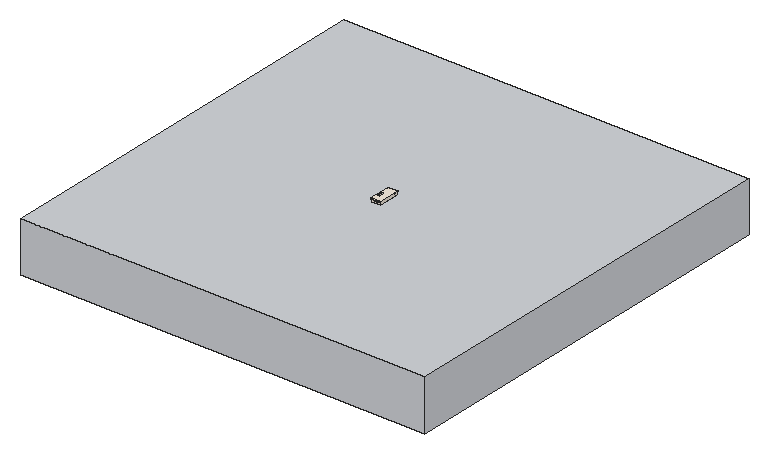
Revit family "GIRA_123901", category Elektroinstallationen, Revit 2017
Family settings
  Basisbauteil = Fläche
  Beschriftungsausrichtung beibehalten = Ja
  Bemaßung runder Anschluss = Durchmesser verwenden
  Teiletyp = Normal
  Beim Laden mit Abzugskörper schneiden = Nein
  Gemeinsam genutzt = Nein
  Raumberechnungspunkt = Nein
Parameters
  Zusatzgerät anreihbar = no
  Default Elevation = 1219.2 mm
  Verbindung mit Smartphone möglich = no
  URL = "https://www.gira.de/"
  Typname = "Wohnungsstation Video AP Plus System 55 Cremeweiß"
  Schaltfunktionen = yes
  Rufunterscheidung = yes
  Rufabschaltung = yes
  Mit Türöffnerautomatik = yes
  Mit Touchscreen = no
  Lautstärkeregelung = yes
  Ist Zubehör = no
  Ist System = no
  Internkommunikation = yes
  Hörgerätekompatibel = no
  Hersteller = "Gira"
  HAN = "123901"
  GTIN = "4010337016229"
  Funktions-Lampen = yes
  Bildsystem = "PAL"
  Beschreibung = "Wohnungsstation Video AP Plus System 55 Cremeweiß glänzend Merkmale: - Bei Verwendung je einer Spannungsversorgung für Türkommunikation können bis zu 28 Wohnungsstationen Video AP parallel genutzt werden. - Die Wohnungsstation Video AP Plus erkennt automatisch, ob eine Spannungsversorgung für Türkommunikation angeschlossen ist. Eine Brücke zwischen ZV und BUS ist nicht notwendig. - Farbdisplay mit LED-Hintergrundbeleuchtung. - OSD Funktion, d. h. Texteinblendung im Display zur Statusanzeige und Menüführung. - Kapazitive Bedientasten mit integrierten Leuchtdioden zur Zustandsanzeige: Die Tasten werden durch leichte Berührung bedient. - Zuschaltbare Türöffnerautomatik: bei eingeschalteter Funktion wird der Türöffner nach Betätigung der Türstationsruftaste automatisch angesteuert. - Automatische Rufannahme: direktes Hineinsprechen oder -hören in einen Raum nach Internruf. - Gebührenfreier hausinterner Sprechverkehr mit bis zu zehn weiteren Wohnungsstationen. Die Bedientasten der Wohnungsstation Video AP Plus steuern die folgenden Funktionen:: - Manuelles Ein- und Ausschalten des TFT-Farbdisplays. - Kameraumschaltung - gezielte Anwahl der angeschlossenen Farbkameras. Im Display erfolgt die Textanzeige, welche Kamera aktuell angesteuert wird. - Schalten von Licht und anderen Funktionen in Verbindung mit dem Schaltaktor oder dem Unterputz-Schaltaktor. - Ansteuerung des Türöffners. - Rufton ein- und ausschalten. - Rufannahme. - Aktivierung der Durchsetzfunktion. - Einstellung von Rufton- und Sprechlautstärke. Funktionen im Endkundenmenü: - Internruf, Schalthandlung, Ruftonmelodie, Helligkeit, Farbsättigung, Kontrast, Einschaltzeit des Displays, Sprache (21 Sprachen wählbar), Tastentöne, Türöffnerautomatik (nach Installateurfreigabe), automatische Rufannahme (nach Installateurfreigabe). Zusätzliche Funktionen im Installateurmenü:: - Einstellung Haupt- Nebendisplay, Frequenzeinstellung, Terminierung der Leitung, Versionsanzeige, Werkseinstellung, Display ein- bzw. ausschalten, LED-Beleuchtung ein- bzw. ausschalten, Ruftastenzuordnung, Internruf zuordnen, Freigaben für Türöffnerautomatik und automatische Rufannahme. - Karten-Slot für SD-Speicherkarte. - SD-Speicherkarte. Neue zusätzliche Funktionen im Endkundenmenü:: - Interner Bildspeicher (nach Installateurfreigabe) für bis zu 48 Bilder. Manueller Übertrag interner zu externner Bildspeicher (SD-Speicherkarte). Bildspeicher manuell löschen. Manuellen Schnappschuss auslösen. Schalthandlungen und Internrufe umbenennen. Datum Uhrzeit ändern. Neue zusätzliche Funktionen im Installateurmenü:: - Freigabe des internen Bildspeichers. Einstellen des Bildintervals und der Aufnahmegeschwindigkeit. Datum Uhrzeit einstellen. Eigenschaften der SD-Speicherkarte:: - Verzeichnis für zehn Klingeltöne, davon fünf frei konfigurierbar im WAVE-Format. Ordner für externen Bildspeicher (max. 200 Bilder).  Hinweise : - Montage ohne Abdeckrahmen oder mit Abdeckrahmen 2fach ohne Mittelsteg aus den Schalterprogrammen System 55, Flächenschalter oder Gira E22 möglich."
  Bedienung Türöffner = yes
  BIM = "https://media.stage.bim.site/t/eyJhbGciOiJIUzI1NiIsInR5cCI6IkpXVCJ9.eyJjdCI6MSwidGYiOiJwdWJsaWMvZ2lyYS9iNjQ4NDNkLzEyMzkgMDEucmZhIiwiY2lkIjoiMzI3N2NjMjMtODFhOS00ZWUzLWE5MGEtYjQ3YmI0YzBiNjE2IiwicmlkIjoiZTc5NTQyODIwOGQ5NDQ1MTEwZTZjMDc0YTEwYTIwZjAiLCJwaWQiOiI3YTNlNzZlNDlmZWU3YjViMDJiOTI2YTc2YjE5ZTZmNDBmNDIwYjZkIiwic2lkIjoiNjM0NzAiLCJ1dCI6NSwiaWF0IjoxNTY1MTg2NjQxLCJpc3MiOiJodHRwczovL2FwaS5saXZlLmJpbS5zaXRlIiwic3ViIjoiYWRtaW5AYmltc2l0ZS5kZXYifQ.o8fWyNo-C8h2NZHr9jWQ9avo1KslxBMvA_qqry75LRQ/1239 01.rfa"
  Abhörsicher = yes
Reference planes
  plane 1 "Center (Front/Back)": y = 0
  plane 2: z = 0
  plane 3 "Center (Left/Right)": x = 0
  plane 4: y = -57.002
  plane 5: z = 11.3
Forms (mm)
  Extrusion 1, solid
    sketch origin (0, 0, 0) x (1, 0, 0) y (0, 1, 0)
      loop
        line (-1219.2, 1219.2) -> (-1219.2, -1219.2) -> (1219.2, -1219.2) -> (1219.2, 1219.2) -> (-1219.2, 1219.2)
    from 0 to -304.8
  Extrusion 2, solid, material "Creamy white glossy", detail levels fine
    sketch origin (0, 0, 0) x (1, 0, 0) y (0, 1, 0)
      loop
        line (-27.5, 62.907) -> (-27.5, -62.761) -> (27.5, -63.002) -> (27.5, 62.907) -> (-27.5, 62.907)
    from 2.8 to 19.6
  Extrusion 3, solid, material "Creamy white glossy", detail levels fine
    sketch origin (0, 0, 0) x (1, 0, 0) y (0, 1, 0)
      loop
        line (23.736, -57.486) -> (23.736, 57.355) -> (-23.736, 57.355) -> (-23.736, -57.486) -> (23.736, -57.486)
    from 0 to 2.8
  Extrusion 4, solid, material "Creamy white glossy", detail levels fine
    sketch origin (0, 0, -0.9) x (1, 0, 0) y (0, 1, 0)
      loop
        arc (-26.5, 65) -> (-27.207, 64.707) -> (-27.5, 64) r 1
        line (-27.5, 64) -> (-27.5, -64)
        arc (-27.5, -64) -> (-27.207, -64.707) -> (-26.5, -65) r 1
        line (-26.5, -65) -> (26.5, -65)
        arc (26.5, -65) -> (27.207, -64.707) -> (27.5, -64) r 1
        line (27.5, -64) -> (27.5, 64)
        arc (27.5, 64) -> (27.207, 64.707) -> (26.5, 65) r 1
        line (26.5, 65) -> (-26.5, 65)
    from 20.5 to 21.5
  Extrusion 5, solid, material "Creamy white glossy", detail levels medium+fine
    sketch origin (0, 0, 0) x (1, 0, 0) y (0, 1, 0)
      loop
        line (-23.605, -18.6) -> (-13.2, -18.6) -> (-13.2, -8.594) -> (-13.2, 3.4) -> (-23.605, 3.4) -> (-23.605, -18.6)
    from 20.6 to 22.5
  Extrusion 6, void, detail levels fine
    sketch origin (0, 0, 0) x (1, 0, 0) y (0, 1, 0)
      loop
        arc (-11.109, -10.234) -> (15.105, -0.084) -> (-10.995, 10.357) r 15.105
        line (-10.995, 10.357) -> (-11.109, -10.234)
      loop
        arc (-3.34, -27.996) -> (-8.964, -28.895) -> (-3.943, -31.585) r 3.005
        arc (-3.943, -31.585) -> (0.438, -31.827) -> (4.808, -31.44) r 31.83
        arc (4.808, -31.44) -> (6.319, -29.382) -> (4.262, -27.871) r 1.805
        arc (4.262, -27.871) -> (0.465, -28.191) -> (-3.34, -27.996) r 28.195
      loop
        spline (6.871, -48.874) -> (6.579, -48.896) -> (6.293, -48.96) -> (6.02, -49.065) -> (5.765, -49.208) -> (5.534, -49.388) -> (5.331, -49.599) -> (5.162, -49.838) -> (5.029, -50.099) -> (4.936, -50.377) -> (4.885, -50.666) -> (4.876, -50.959) -> (4.91, -51.25)
        spline (4.91, -51.25) -> (4.876, -51.541) -> (4.885, -51.834) -> (4.936, -52.123) -> (5.029, -52.401) -> (5.162, -52.662) -> (5.331, -52.901) -> (5.534, -53.112) -> (5.765, -53.292) -> (6.02, -53.435) -> (6.293, -53.54) -> (6.579, -53.604) -> (6.871, -53.626)
        line (6.871, -53.626) -> (13.129, -53.626)
        spline (13.129, -53.626) -> (13.421, -53.604) -> (13.707, -53.54) -> (13.98, -53.435) -> (14.235, -53.292) -> (14.466, -53.112) -> (14.669, -52.901) -> (14.838, -52.662) -> (14.971, -52.401) -> (15.064, -52.123) -> (15.115, -51.834) -> (15.124, -51.541) -> (15.09, -51.25)
        spline (15.09, -51.25) -> (15.124, -50.959) -> (15.115, -50.666) -> (15.064, -50.377) -> (14.971, -50.099) -> (14.838, -49.838) -> (14.669, -49.599) -> (14.466, -49.388) -> (14.235, -49.208) -> (13.98, -49.065) -> (13.707, -48.96) -> (13.421, -48.896) -> (13.129, -48.874)
        line (13.129, -48.874) -> (6.871, -48.874)
      loop
        arc (3.34, 27.996) -> (8.966, 28.911) -> (3.92, 31.563) r 3.005
        arc (3.92, 31.563) -> (-0.448, 31.802) -> (-4.808, 31.44) r 31.805
        arc (-4.808, 31.44) -> (-6.319, 29.382) -> (-4.262, 27.871) r 1.805
        arc (-4.262, 27.871) -> (-0.465, 28.191) -> (3.34, 27.996) r 28.195
      loop
        line (-20.626, 52.129) -> (-20.626, 45.871)
        spline (-20.626, 45.871) -> (-20.604, 45.579) -> (-20.54, 45.293) -> (-20.435, 45.02) -> (-20.292, 44.765) -> (-20.112, 44.533) -> (-19.901, 44.331) -> (-19.662, 44.162) -> (-19.401, 44.029) -> (-19.123, 43.936) -> (-18.834, 43.885) -> (-18.541, 43.876) -> (-18.25, 43.91)
        spline (-18.25, 43.91) -> (-17.959, 43.876) -> (-17.666, 43.885) -> (-17.377, 43.936) -> (-17.099, 44.029) -> (-16.838, 44.162) -> (-16.599, 44.331) -> (-16.388, 44.533) -> (-16.208, 44.765) -> (-16.065, 45.02) -> (-15.96, 45.293) -> (-15.896, 45.579) -> (-15.874, 45.871)
        line (-15.874, 45.871) -> (-15.874, 52.129)
        spline (-15.874, 52.129) -> (-15.896, 52.421) -> (-15.96, 52.707) -> (-16.065, 52.98) -> (-16.208, 53.235) -> (-16.388, 53.466) -> (-16.599, 53.669) -> (-16.838, 53.838) -> (-17.099, 53.971) -> (-17.377, 54.064) -> (-17.666, 54.115) -> (-17.959, 54.124) -> (-18.25, 54.09)
        spline (-18.25, 54.09) -> (-18.541, 54.124) -> (-18.834, 54.115) -> (-19.123, 54.064) -> (-19.401, 53.971) -> (-19.662, 53.838) -> (-19.901, 53.669) -> (-20.112, 53.466) -> (-20.292, 53.235) -> (-20.435, 52.98) -> (-20.54, 52.707) -> (-20.604, 52.421) -> (-20.626, 52.129)
    from 0 to 2
  Extrusion 7, void, detail levels fine
    sketch origin (-1.799, 0, 0) x (1, 0, 0) y (0, 0, 1)
      loop
        line (0, 17.165) -> (0, 15.22) -> (3.598, 15.22) -> (3.598, 17.165) -> (0, 17.165)
      loop
        line (-4.701, 11.286) -> (-4.701, 8.933) -> (8.855, 8.933) -> (8.855, 11.286) -> (-4.701, 11.286)
    from 58.901 to 65
  Extrusion 8, void, detail levels fine
    sketch origin (0, 0, 0) x (0, 1, 0) y (0, 0, 1)
      loop
        line (-57.002, 12.854) -> (-57.002, 9.854) -> (-38.002, 9.854) -> (-38.002, 12.854) -> (-57.002, 12.854)
    from -27.55 to 27.5
  Extrusion 9, solid, material "Creamy white glossy", detail levels medium
    sketch origin (0, 0, 0) x (1, 0, 0) y (0, 1, 0)
      loop
        line (27.5, 65) -> (-27.5, 65) -> (-27.5, -65) -> (27.5, -65) -> (27.5, 65)
    from 19.6 to 20.6
  Extrusion 10, solid, material "Creamy white glossy", detail levels medium
    sketch origin (0, 0, 0) x (1, 0, 0) y (0, 1, 0)
      loop
        line (-27.5, 62.907) -> (-27.5, -62.761) -> (27.5, -63.002) -> (27.5, 62.907) -> (-27.5, 62.907)
    from 2.8 to 19.6
  Extrusion 11, solid, material "Creamy white glossy", detail levels medium
    sketch origin (0, 0, 0) x (1, 0, 0) y (0, 1, 0)
      loop
        line (23.736, -57.486) -> (23.736, 57.355) -> (-23.736, 57.355) -> (-23.736, -57.486) -> (23.736, -57.486)
    from 0 to 2.8
  Extrusion 12, solid, material "Creamy white glossy", detail levels coarse
    sketch origin (0, 0, 0) x (1, 0, 0) y (0, 1, 0)
      loop
        line (27.5, 65) -> (-27.5, 65) -> (-27.5, -65) -> (27.5, -65) -> (27.5, 65)
    from 0 to 22.5
Cuts and joins
  Extrusion 6, Extrusion 7, Extrusion 8 cuts Extrusion 2
  Extrusion 6 cuts Extrusion 3
  Extrusion 6 cuts Extrusion 4
Dimensions and locks
  aligned and locked: plane 2 to Extrusion 1
  aligned and locked: level to Extrusion 1
  aligned and locked: plane 1 "Center (Front/Back)" to nested 1
Nested families
  nested 1: "symbol" at (0, 0, 0), type "symbol"
Definition of nested family "symbol"
  Reference planes
    plane 1: y = 0
    plane 2: x = 0
  Lines and regions (mm)
    Filled region 1, type "Gefüllter Bereich 1"
      outline origin (0, 0, 0) x (1, 0, 0) y (0, 1, 0)
        loop
          circle (-0.6, 2.4) r 0.4
    Filled region 2, type "Gefüllter Bereich 1"
      outline origin (0, 0, 0) x (1, 0, 0) y (0, 1, 0)
        loop
          circle (0.6, 2.4) r 0.4
    detail lines
      curve 1: line (0, 0, 0) -> (0, 2, 0)
      curve 2: line (0, 2, 0) -> (1.6, 2, 0)
      curve 3: line (1.6, 2, 0) -> (1.6, 3.6, 0)
      curve 4: circle (0.6, 2.4, 0) r 0.4 normal (0, 0, 1)
      curve 5: line (0, 2, 0) -> (-1.6, 2, 0)
      curve 6: line (-1.6, 2, 0) -> (-1.6, 3.6, 0)
      curve 7: circle (-0.6, 2.4, 0) r 0.4 normal (0, 0, -1)
